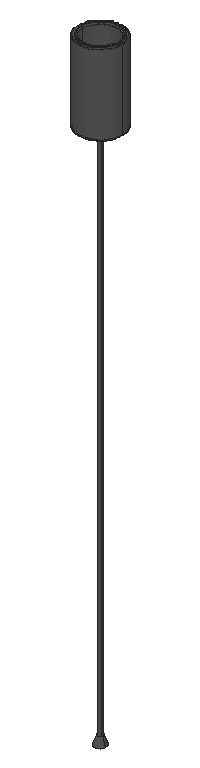
Revit family "CARLO CYLINDER LIGHT Pendant_ Surface", category Lighting Fixtures, host Face, Revit 2020 (continued)
Types (13): name | Wattage_Input | Wattage Comments | Wattage | built-in parameter 1150134 | Size 08 | Size 04 | Photometric Web File | built-in parameter 1150142 | Model | built-in parameter 1150105 | Lumens | built-in parameter 1150107 | built-in parameter 1150106 | Fixture Height | Fixture Diameter | BEAMING ANGLE | Apparent Load
  CCL4-12-20SPSW8-40-PSM-BK | 20 W | "12W/16W/20W" | 11.4446 W | (empty or 0) | no | yes | "CCL4_20W_2700K_40__.IES" | "IESNA:LM-63-2002\r\n[TEST] 001\r\n[TESTLAB] \r\n[TESTDATE] 2024-05-20\r\n[ISSUEDATE] 2024-05-20 13:34:57\r\n[LAMPPOSITION] 0,0\r\n[OTHER] EVERFINE GO-2000B_V1 SYSTEM\r\n[MANUFAC] Aboveall lighting\r\n[LUMINAIRE] CCL4 20W 2700K 40¡ã \r\nTILT=NONE\r\n1 1635.6 1 181 17 1 2 -0.104 -0.104 0.000\r\n1.000 1 20.1329\r\n0.0    1.0    2.0    3.0    4.0    5.0    6.0    7.0    8.0    9.0    \r\n 10.0   11.0   12.0   13.0   14.0   15.0   16.0   17.0   18.0   19.0   \r\n 20.0   21.0   22.0   23.0   24.0   25.0   26.0   27.0   28.0   29.0   \r\n 30.0   31.0   32.0   33.0   34.0   35.0   36.0   37.0   38.0   39.0   \r\n 40.0   41.0   42.0   43.0   44.0   45.0   46.0   47.0   48.0   49.0   \r\n 50.0   51.0   52.0   53.0   54.0   55.0   56.0   57.0   58.0   59.0   \r\n 60.0   61.0   62.0   63.0   64.0   65.0   66.0   67.0   68.0   69.0   \r\n 70.0   71.0   72.0   73.0   74.0   75.0   76.0   77.0   78.0   79.0   \r\n 80.0   81.0   82.0   83.0   84.0   85.0   86.0   87.0   88.0   89.0   \r\n 90.0   91.0   92.0   93.0   94.0   95.0   96.0   97.0   98.0   99.0   \r\n 100.0  101.0  102.0  103.0  104.0  105.0  106.0  107.0  108.0  109.0  \r\n 110.0  111.0  112.0  113.0  114.0  115.0  116.0  117.0  118.0  119.0  \r\n 120.0  121.0  122.0  123.0  124.0  125.0  126.0  127.0  128.0  129.0  \r\n 130.0  131.0  132.0  133.0  134.0  135.0  136.0  137.0  138.0  139.0  \r\n 140.0  141.0  142.0  143.0  144.0  145.0  146.0  147.0  148.0  149.0  \r\n 150.0  151.0  152.0  153.0  154.0  155.0  156.0  157.0  158.0  159.0  \r\n 160.0  161.0  162.0  163.0  164.0  165.0  166.0  167.0  168.0  169.0  \r\n 170.0  171.0  172.0  173.0  174.0  175.0  176.0  177.0  178.0  179.0  \r\n 180.0  \r\n0.0    22.5   45.0   67.5   90.0   112.5  135.0  157.5  180.0  202.5  \r\n 225.0  247.5  270.0  292.5  315.0  337.5  360.0  \r\n3342.6 3342.4 3330.1 3310.2 3279.5 3234.1 3176.6 3105.1 3022 2929.7 \r\n 2829.3 2719.4 2596.2 2455.9 2307.9 2148.4 1979.2 1809.9 1643.4 1484 \r\n 1330.6 1187.2 1068.7 950.48 854.87 774.83 713.41 669.5 639.18 616.72 \r\n 602.22 588.43 578.93 566.84 549.04 534.17 516.83 484.77 445.35 396.19 \r\n 345.88 292.95 240.13 186.35 139.01 98.265 57.591 35.791 29.465 24.645 \r\n 21.075 19.458 18.279 17.041 15.759 14.536 13.448 12.438 11.27 10.31 \r\n 9.2178 8.3254 7.397 6.5236 5.7384 4.9224 4.2452 3.5577 3.0211 2.4903 \r\n 2.0748 1.7322 1.4628 1.2887 1.1396 1.0305 0.93387 0.85722 0.78479 0.72831 \r\n 0.71179 0.6957 0.69156 0.64785 0.56391 0.47152 0.21616 0.14554 0.06525 0.0007226 \r\n 0 0 0 0 0 0 0 0 0 0 \r\n 0 0 0 0 0 0.0079599 0.027891 0.055939 0.088061 0.12023 \r\n 0.16035 0.20454 0.25275 0.29305 0.34122 0.39744 0.45772 0.50994 0.57015 0.63842 \r\n 0.70281 0.77907 0.86343 0.94788 1.0363 1.1367 1.2452 1.3538 1.4819 1.6225 \r\n 1.7712 1.9279 2.1086 2.2935 2.4905 2.6915 2.9045 3.1335 3.3628 3.6119 \r\n 3.8486 4.1057 4.3591 4.6244 4.8898 5.1473 5.4086 5.678 5.9434 6.1969 \r\n 6.4542 6.7069 6.9523 7.1897 7.4071 7.6163 7.8214 8.0146 8.1997 8.3727 \r\n 8.5496 8.7027 8.8471 8.976 9.0888 9.1935 9.2782 9.3348 9.3792 9.4155 \r\n 9.4477 9.46 9.48 9.4802 9.504 9.5242 9.5443 9.5803 9.6363 9.7165 \r\n 9.6912 \r\n3342.6 3346.1 3340 3323.9 3299.3 3267 3214.2 3150.7 3077.6 2990.4 \r\n 2895.1 2794.1 2668.2 2542.1 2399 2239.8 2078.6 1907.3 1736.4 1572.1 \r\n 1411.1 1260.5 1125.9 1006.6 902.98 811.06 741.63 688.63 652.34 624.96 \r\n 605.73 592.62 582.17 572.51 552.93 540.14 526.14 504.61 467.25 418.46 \r\n 367.63 316.45 263.97 211.49 160.57 110.55 68.329 38.744 29.223 24.77 \r\n 21.172 19.159 18.102 17.078 15.867 14.697 13.568 12.59 11.489 10.525 \r\n 9.5635 8.5718 7.7148 6.7403 5.9949 5.1646 4.4986 3.8407 3.1921 2.6912 \r\n 2.16 1.8133 1.5154 1.3061 1.153 1.0324 0.92759 0.84689 0.77032 0.75242 \r\n 0.73453 0.71663 0.69873 0.68083 0.55235 0.4947 0.32156 0.14474 0.072079 0 \r\n 0 0 0 0 0 0 0 0 0 0 \r\n 0 0 0.000102 0.012177 0.02025 0.028545 0.060763 0.085021 0.11328 0.14158 \r\n 0.18595 0.22631 0.26671 0.31118 0.36363 0.4121 0.46465 0.52516 0.58175 0.64642 \r\n 0.71885 0.7875 0.86026 0.94506 1.0339 1.1268 1.2278 1.3329 1.4581 1.5874 \r\n 1.7328 1.8823 2.0474 2.2291 2.4109 2.6088 2.8187 3.0368 3.2629 3.4971 \r\n 3.7354 3.9856 4.236 4.5017 4.7601 5.0265 5.2969 5.5553 5.8257 6.0881 \r\n 6.3464 6.6047 6.8548 7.0929 7.3223 7.5402 7.746 7.9397 8.1374 8.319 \r\n 8.4925 8.6619 8.8112 8.9523 9.0773 9.1858 9.2745 9.343 9.4034 9.4437 \r\n 9.4719 9.496 9.5042 9.5284 9.5486 9.5729 9.6014 9.6537 9.7021 9.7461 \r\n 9.6912 \r\n3342.6 3345.6 3340.1 3328.4 3308 3277.6 3237 3179.7 3107.8 3027.3 \r\n 2931.7 2823.1 2700.5 2564.5 2417.6 2261.9 2098.2 1925.9 1756.4 1594.4 \r\n 1436.9 1286.3 1159 1032.1 922.8 831.26 755.15 697.79 658.42 630.24 \r\n 608.37 591.71 580.98 571.37 551.98 539.13 525.28 506.14 470.04 426.85 \r\n 373.88 320.25 266.37 209.91 159.21 115.52 71.914 41.865 31.251 26.071 \r\n 22.149 19.887 18.705 17.639 16.391 15.161 13.919 12.865 11.757 10.725 \r\n 9.7374 8.721 7.8573 6.8438 6.0441 5.2191 4.4498 3.8131 3.2259 2.7394 \r\n 2.2339 1.8883 1.5933 1.3779 1.2314 1.1057 1.0003 0.91507 0.83811 0.76524 \r\n 0.72043 0.70394 0.68376 0.68355 0.58769 0.54253 0.40611 0.19661 0.13017 0.029449 \r\n 0.00031113 0 0 0 0 0 0 0 0 0 \r\n 0 0 0 0 0 0 0.0079879 0.036053 0.068369 0.096737 \r\n 0.13705 0.18151 0.21401 0.26238 0.31493 0.35952 0.41603 0.47251 0.52915 0.60577 \r\n 0.66665 0.73533 0.80811 0.89293 0.97789 1.0708 1.1759 1.2691 1.3978 1.5233 \r\n 1.6687 1.8183 1.988 2.1579 2.3518 2.55 2.7523 2.9746 3.1971 3.4276 \r\n 3.6616 3.9082 4.159 4.4178 4.6807 4.9437 5.2147 5.4697 5.7366 5.9996 \r\n 6.2546 6.5048 6.7556 6.9984 7.2252 7.4477 7.6543 7.8486 8.0348 8.2249 \r\n 8.395 8.5609 8.7224 8.8522 8.9697 9.079 9.1763 9.2534 9.2942 9.3387 \r\n 9.3592 9.3794 9.4037 9.4199 9.444 9.4643 9.4846 9.5128 9.5531 9.6095 \r\n 9.6912 \r\n3342.6 3348.6 3345.3 3337.9 3319.3 3293.4 3258.9 3208.2 3140 3058.7 \r\n 2963.7 2859 2734 2593.6 2453 2293.2 2131.1 1962.6 1799.9 1637.5 \r\n 1477.5 1329.3 1189.9 1060.1 949.84 852.89 771.14 708.73 665.15 633.18 \r\n 610.13 591.57 577.59 567.13 551.3 539.41 525.81 507.83 475.39 430.77 \r\n 380.17 327.43 271.75 216.11 163.87 116.2 74.821 44.814 32.536 27.345 \r\n 23.063 20.455 19.294 18.095 16.813 15.555 14.266 13.19 12.078 10.963 \r\n 9.9595 8.8732 7.9312 6.9501 6.0804 5.2732 4.5233 3.89 3.2461 2.7673 \r\n 2.3055 1.9326 1.6209 1.3943 1.2321 1.0867 0.9812 0.88392 0.80278 0.72573 \r\n 0.65695 0.61259 0.60048 0.59612 0.55913 0.47399 0.39596 0.1659 0.10477 0.012075 \r\n 0 0 0 0 0 0 0 0 0 0 \r\n 0 0 0.000068 0.0082207 0.020396 0.032646 0.052939 0.07331 0.10172 0.1302 \r\n 0.17881 0.21534 0.25197 0.30067 0.34941 0.40217 0.45493 0.50777 0.56864 0.62964 \r\n 0.70241 0.76344 0.84461 0.92581 1.0111 1.1045 1.206 1.3076 1.4213 1.5473 \r\n 1.6894 1.8356 1.9976 2.1682 2.359 2.5499 2.757 2.9762 3.1994 3.4309 \r\n 3.6744 3.9139 4.1657 4.4247 4.6885 4.9483 5.2201 5.4759 5.7356 5.9994 \r\n 6.255 6.5067 6.7663 7.0057 7.2363 7.4594 7.6664 7.8733 8.068 8.2547 \r\n 8.4372 8.6036 8.7698 8.9158 9.0494 9.1546 9.2559 9.3328 9.3855 9.43 \r\n 9.4584 9.4786 9.4867 9.495 9.5193 9.5396 9.5681 9.6004 9.629 9.6814 \r\n 9.6912 \r\n3342.6 3347.2 3343.6 3334.9 3315.2 3290.8 3253.8 3201.6 3135.8 3052.2 \r\n 2956.9 2847.5 2725.1 2584 2442.6 2281.4 2119.4 1949.4 1788 1626.5 \r\n 1471.7 1324.7 1187.3 1061.5 949.5 850.64 768.19 706.54 663.38 631.11 \r\n 607.21 589.19 576.01 564.3 550.83 538.95 525.32 507.05 471.36 427.13 \r\n 376.77 322.79 268.85 216.71 164.61 116.25 73.951 42.681 32.208 27.536 \r\n 23.437 21.046 19.744 18.441 17.146 15.836 14.516 13.434 12.359 11.208 \r\n 10.195 9.0246 8.0525 7.0698 6.172 5.3541 4.5881 3.9505 3.2991 2.8074 \r\n 2.3322 1.9357 1.6181 1.3944 1.2178 1.0768 0.96679 0.87252 0.79377 0.71131 \r\n 0.64455 0.58978 0.56247 0.55436 0.52624 0.45157 0.38337 0.16844 0.097606 0.027242 \r\n 0 0 0 0 0 0 0 0 0 0 \r\n 0.000042 0.003934 0.0040219 0.011847 0.015919 0.031659 0.047447 0.067219 0.094763 0.12223 \r\n 0.14982 0.18138 0.22073 0.26012 0.30354 0.3585 0.40201 0.46483 0.51608 0.5751 \r\n 0.63405 0.70098 0.77185 0.84666 0.9254 1.0082 1.1027 1.2011 1.3035 1.4177 \r\n 1.5399 1.6774 1.8271 1.9924 2.1617 2.3428 2.528 2.7365 2.9454 3.1773 \r\n 3.3941 3.6381 3.8861 4.1411 4.3853 4.6567 4.9165 5.1839 5.4398 5.7034 \r\n 5.9632 6.2306 6.4863 6.7381 6.9852 7.2173 7.4416 7.6696 7.8782 8.0866 \r\n 8.2872 8.4799 8.6608 8.8298 8.983 9.1202 9.2341 9.3322 9.4029 9.4618 \r\n 9.5088 9.5403 9.5716 9.5913 9.611 9.6306 9.6465 9.678 9.7176 9.772 \r\n 9.6912 \r\n3342.6 3344.3 3335.7 3319.5 3296.3 3264.9 3218.5 3162.9 3086.5 2996.6 \r\n 2895.7 2785.3 2656.3 2516.3 2369.1 2208.2 2042.9 1876.4 1715.3 1558.5 \r\n 1407.7 1265.5 1142.7 1020 910.39 816.36 739.66 684.07 644.8 616.34 \r\n 596.71 581.22 567.99 555.26 544.11 532.72 518.84 492.31 453.32 407.08 \r\n 353.12 301.4 247.85 196.43 145.03 102.44 59.927 37.36 30.221 25.571 \r\n 22.145 20.321 18.744 17.61 16.346 15.128 13.958 13.055 11.923 10.958 \r\n 10.01 8.9393 8.0295 7.0075 6.1689 5.2536 4.5301 3.8633 3.2561 2.7516 \r\n 2.2637 1.8861 1.5614 1.3501 1.1949 1.0756 0.97623 0.88888 0.80556 0.72621 \r\n 0.66263 0.61491 0.57126 0.55131 0.49222 0.44844 0.31839 0.17573 0.1155 0.020632 \r\n 0.00016339 0 0 0 0 0 0 0 0 0 \r\n 0 0 0 0 0 0 0.011778 0.035455 0.055322 0.094795 \r\n 0.11873 0.15825 0.19398 0.24147 0.28512 0.32875 0.38418 0.4474 0.49907 0.55848 \r\n 0.62583 0.69324 0.76459 0.84384 0.91922 1.0103 1.1055 1.2085 1.3113 1.438 \r\n 1.5649 1.7036 1.862 2.0207 2.2068 2.3854 2.5835 2.7975 3.0117 3.2376 \r\n 3.4631 3.7009 3.9467 4.1965 4.4542 4.712 4.9815 5.2434 5.4972 5.7628 \r\n 6.0167 6.2738 6.5316 6.7697 7.0076 7.2338 7.4677 7.6781 7.8844 8.0827 \r\n 8.2731 8.4517 8.6218 8.7845 8.9157 9.0347 9.138 9.2254 9.2891 9.3446 \r\n 9.3844 9.4123 9.444 9.4678 9.4955 9.535 9.5708 9.5947 9.642 9.6818 \r\n 9.6912 \r\n3342.6 3339.7 3326.1 3305.4 3275 3232 3179.5 3116.4 3032 2942.5 \r\n 2838.3 2723.7 2589.8 2455.6 2306.8 2146.6 1984.5 1817.4 1660.9 1504.8 \r\n 1358.4 1221 1092.3 975.7 872.31 781.7 712.74 666.29 632.4 610.57 \r\n 590.7 575.45 564.09 550 538.66 526.75 510.12 478.65 437.12 391.44 \r\n 339.44 286.69 233.34 180 127.75 85.055 51.319 35.074 29.874 25.359 \r\n 22.422 20.477 18.408 17.103 15.825 14.459 13.359 12.407 11.21 10.377 \r\n 9.297 8.371 7.4372 6.5008 5.6814 4.9008 4.2696 3.5733 3.0705 2.5721 \r\n 2.1102 1.736 1.4418 1.2389 1.0838 0.97248 0.87288 0.78912 0.70944 0.64159 \r\n 0.57402 0.5304 0.51045 0.48987 0.41814 0.35314 0.19849 0.099129 0.039478 0 \r\n 0 0 0 0 0 0 0 0 0 0 \r\n 0 0.0001308 0.012014 0.016095 0.028161 0.048066 0.064078 0.08413 0.11211 0.14399 \r\n 0.17991 0.21587 0.25582 0.2998 0.35164 0.39957 0.45145 0.50343 0.56334 0.62723 \r\n 0.69493 0.76672 0.83469 0.91459 1.0024 1.0942 1.1862 1.2939 1.3979 1.5218 \r\n 1.6654 1.797 1.9568 2.1323 2.3081 2.4998 2.7034 2.911 3.1266 3.3541 \r\n 3.5856 3.8214 4.0806 4.3275 4.5909 4.8504 5.1176 5.3771 5.6404 5.8998 \r\n 6.1593 6.4225 6.6777 6.9132 7.1558 7.3753 7.5986 7.8061 8.0094 8.197 \r\n 8.3844 8.5599 8.7233 8.8748 9.0103 9.1294 9.2251 9.3088 9.3883 9.432 \r\n 9.4638 9.48 9.5156 9.5318 9.5637 9.5917 9.6275 9.6634 9.6994 9.7432 \r\n 9.6912 \r\n3342.6 3331.2 3311.3 3280.3 3235.7 3182.5 3121.1 3041.9 2951.5 2856.2 \r\n 2748.6 2624.3 2487.6 2341 2186.7 2027.2 1862.1 1702.6 1548.5 1399.7 \r\n 1260.1 1135.7 1011.5 902.63 809.35 734.76 680.7 643 618.06 598.08 \r\n 581.05 568.27 553.64 541.84 531.36 517.22 491.88 454.64 409.9 361.4 \r\n 309.32 254.44 199.83 147.91 105.69 63.564 39.621 31.913 26.709 23.099 \r\n 21.156 18.606 17.335 15.99 14.726 13.579 12.656 11.492 10.588 9.5749 \r\n 8.6525 7.7849 6.8359 6.0489 5.2516 4.5852 3.9199 3.3143 2.8125 2.3076 \r\n 1.9061 1.5809 1.3564 1.1954 1.059 0.95447 0.86616 0.79389 0.70984 0.64158 \r\n 0.60525 0.57713 0.57294 0.48961 0.4491 0.31379 0.16166 0.10467 0.024738 0.00020399 \r\n 0 0 0 0 0 0 0 0 0 0 \r\n 0 0 0 0 0 0.015908 0.031894 0.059827 0.091847 0.11994 \r\n 0.15593 0.19994 0.24402 0.28413 0.33612 0.38424 0.45222 0.50032 0.56031 0.62439 \r\n 0.68851 0.76454 0.84068 0.92079 1.0129 1.113 1.2092 1.3173 1.4411 1.5693 \r\n 1.7173 1.8696 2.0338 2.21 2.4022 2.5945 2.8107 3.0271 3.2515 3.4838 \r\n 3.7236 3.968 4.2243 4.4808 4.7412 5.0057 5.2742 5.5347 5.7952 6.0596 \r\n 6.3122 6.5759 6.8205 7.057 7.2895 7.51 7.7185 7.9229 8.1193 8.3077 \r\n 8.4762 8.6445 8.8004 8.9329 9.0533 9.1616 9.238 9.3062 9.3505 9.3906 \r\n 9.4227 9.4428 9.451 9.4629 9.4908 9.5109 9.5548 9.6068 9.6668 9.715 \r\n 9.6912 \r\n3342.6 3327.7 3303.1 3264.5 3209.2 3149.4 3076.9 2994.2 2899.2 2802.9 \r\n 2682 2560.8 2419.3 2268 2111.6 1948.3 1787.3 1626.2 1477.4 1332.6 \r\n 1194.1 1068.2 955.21 852.67 769.75 706.92 660.54 630.36 608.83 590.7 \r\n 575.34 564.2 551.31 539.83 527.18 510.64 478.59 438.1 388.92 337.27 \r\n 285.27 232.41 179.58 130.23 85.231 50.779 35.259 29.863 24.584 21.454 \r\n 19.558 17.795 16.511 15.197 13.968 12.923 11.941 10.833 9.9466 8.8997 \r\n 8.0744 7.1788 6.3748 5.5949 4.8344 4.2225 3.5484 3.0179 2.5198 2.0665 \r\n 1.7093 1.421 1.2364 1.0801 0.96776 0.87552 0.7832 0.70692 0.6427 0.59069 \r\n 0.56277 0.55468 0.54167 0.44951 0.38335 0.17188 0.091826 0.027854 0 0 \r\n 0 0 0 0 0 0 0 0 0 0 \r\n 0.000086 0.0081287 0.016216 0.028373 0.048339 0.056669 0.088743 0.11297 0.14509 0.17329 \r\n 0.21354 0.25773 0.29799 0.34236 0.39862 0.45094 0.50724 0.56359 0.62396 0.68845 \r\n 0.76461 0.837 0.90955 0.99802 1.0867 1.1912 1.2957 1.3967 1.5294 1.6663 \r\n 1.8152 1.9717 2.1407 2.3219 2.519 2.7241 2.9334 3.1587 3.3881 3.6333 \r\n 3.8708 4.1281 4.3816 4.6422 4.8997 5.169 5.4265 5.6919 5.9571 6.2066 \r\n 6.4679 6.7251 6.9703 7.2035 7.4319 7.6451 7.8581 8.059 8.248 8.4329 \r\n 8.6096 8.7664 8.9189 9.0514 9.1677 9.2598 9.3361 9.3962 9.4363 9.4684 \r\n 9.4925 9.5124 9.5166 9.5325 9.5368 9.5608 9.581 9.6133 9.6617 9.7179 \r\n 9.6912 \r\n3342.6 3325 3293.4 3247.7 3186.8 3119.1 3040.5 2947 2849.4 2744.2 \r\n 2620.3 2482.2 2332.4 2177.8 2019.9 1855.2 1693.4 1538.6 1391.9 1248.4 \r\n 1126.2 1004.1 897.68 807.32 736.86 684.36 647.34 620.19 599.57 584.06 \r\n 572.51 560.69 549.36 537.33 522.63 501.34 464.86 416.85 365.92 314.52 \r\n 260.47 207.74 155.2 110.1 65.066 38.492 29.991 25.271 21.746 19.901 \r\n 18.485 17.388 16.254 15.064 13.913 12.955 11.81 10.844 9.8227 8.8134 \r\n 7.9285 6.927 6.1217 5.2465 4.5345 3.864 3.2139 2.7161 2.1996 1.8391 \r\n 1.5359 1.3172 1.1718 1.0504 0.94133 0.86033 0.7796 0.71487 0.6783 0.66198 \r\n 0.64583 0.6417 0.54554 0.48088 0.31639 0.16688 0.10149 0.024902 0.00021139 0 \r\n 0 0 0 0 0 0 0 0 0 0 \r\n 0 0 0 0 0.0080102 0.032108 0.056262 0.076484 0.11666 0.14903 \r\n 0.18932 0.22969 0.27005 0.32243 0.37891 0.43542 0.48793 0.54426 0.60876 0.67735 \r\n 0.75397 0.82666 0.91132 0.99609 1.0969 1.2018 1.2987 1.4197 1.5604 1.7057 \r\n 1.859 2.0244 2.2019 2.3955 2.6013 2.8031 3.021 3.251 3.4851 3.7272 \r\n 3.9767 4.227 4.4893 4.7556 5.0181 5.2884 5.5389 5.8052 6.0636 6.3219 \r\n 6.5723 6.8258 7.0642 7.2903 7.5084 7.7104 7.9162 8.1061 8.2878 8.4574 \r\n 8.6189 8.7684 8.8934 9.0025 9.1075 9.1845 9.2492 9.2897 9.3181 9.3424 \r\n 9.3586 9.3707 9.3908 9.403 9.4271 9.4633 9.4996 9.5279 9.5842 9.6447 \r\n 9.6912 \r\n3342.6 3323.9 3291.5 3244.2 3180.9 3109.9 3026.9 2935.8 2835.3 2730.4 \r\n 2598 2465.4 2314.4 2155.9 1993.4 1828.6 1668.9 1509.9 1364.5 1222.3 \r\n 1092.9 976.33 874.48 792.02 729.38 679.81 645.32 620.95 602.23 585.99 \r\n 574.17 561.09 547.85 535.59 521.65 496.92 458.5 413.17 358.41 304.6 \r\n 250.49 196.4 143.92 99.354 61.363 37.518 29.741 24.712 21.082 19.438 \r\n 18.021 16.855 15.581 14.339 13.228 12.243 11.117 10.177 9.1544 8.2005 \r\n 7.3269 6.4701 5.6894 4.918 4.2525 3.602 3.0363 2.535 2.0671 1.7239 \r\n 1.4417 1.2522 1.1149 0.99784 0.90105 0.82843 0.80534 0.78226 0.75917 0.73609 \r\n 0.713 0.68992 0.54113 0.46656 0.24923 0.12458 0.060063 0 0 0 \r\n 0 0 0 0 0 0 0 0 0 0.000042 \r\n 0.0041311 0.012222 0.020359 0.032588 0.052864 0.077138 0.10146 0.12978 0.15825 0.19856 \r\n 0.23505 0.27956 0.3241 0.37274 0.42929 0.47793 0.53467 0.59935 0.66008 0.72491 \r\n 0.79766 0.88258 0.96358 1.0526 1.1419 1.255 1.3564 1.4779 1.6155 1.7574 \r\n 1.9193 2.0848 2.263 2.4573 2.6597 2.8741 3.0887 3.3193 3.5501 3.7968 \r\n 4.0357 4.2946 4.5496 4.8159 5.0829 5.3459 5.6129 5.8799 6.1428 6.4017 \r\n 6.6564 6.8991 7.1376 7.36 7.5778 7.784 7.9781 8.1681 8.3421 8.5159 \r\n 8.6735 8.8149 8.9441 9.0532 9.1461 9.2264 9.2748 9.311 9.3192 9.3434 \r\n 9.359
